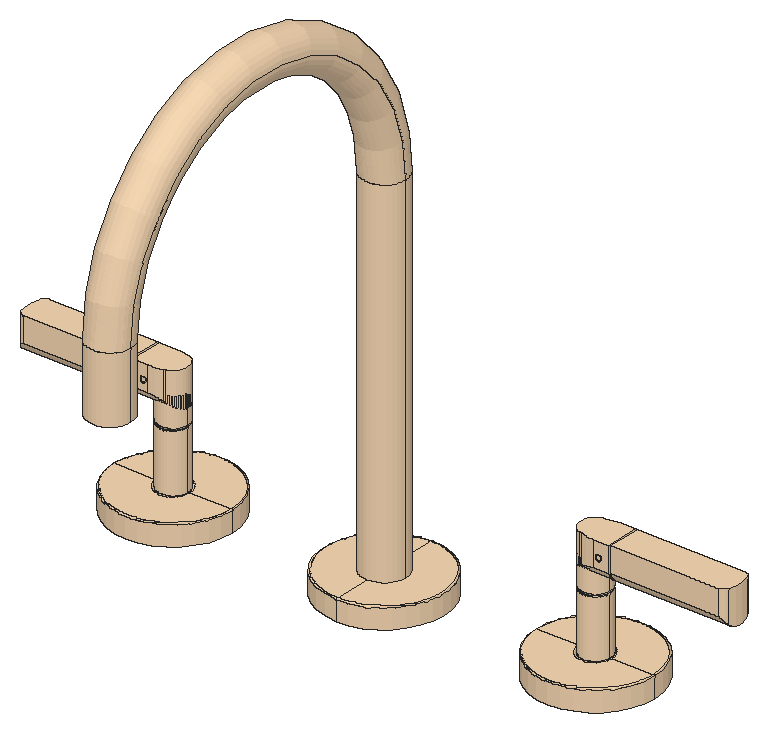
Revit family "Faucet-Lavatory-KALLISTA-One_Nazare-P23348", category Plumbing Fixtures, host Face, Revit 2022
Family settings
  Host = Face
  Round Connector Dimension = Use Diameter
  Part Type = Normal
  OmniClass Number = 23.31.11.00
  Cut with Voids When Loaded = No
  Maintain Annotation Orientation = No
  Shared = No
  Room Calculation Point = No
Parameters (values of type "2MB-Brushed Brass")
  Width [instance] = Faucet Hole Spacing  # 8"
  WaterSense Certified = 1 = 1  # yes
  Waste Water Outlet = "Waste Water Outlet"  # constant formula
  Waste Connection = 1 = 0  # no
  Vent Connection = 1 = 0  # no
  URL = "https://www.kallista.com/"
  Type = 4
  Spout Reach = 6 1/2"  # constant formula
  Product Page URL = ""
  Product Name = "One Nazare"  # constant formula
  Product Documentation Link = "https://resources.kohler.com/interiors/kallista/pdf/1382060-4.pdf"
  Pressure = 60.00 psi  # constant formula
  Model = if(Type = 1, "P23348-LV-CP", if(Type = 2, "P23348-LV-SN", if(Type = 3, "P23348-LV-BAF", if(Type = 4, "P23348-LV-2MB", "NA"))))  # "P23348-LV-2MB"
  Material = "Premium Metal Construction"  # constant formula
  Master Format 2014 Name = "Residential Faucets, Supplies, and Trim"  # constant formula
  Master Format 2014 = "22 41 39"  # constant formula
  Manufacturer Address = "444 Highland Dr, Kohler, WI 53044"  # constant formula
  Manufacturer = "Kallista Co."  # constant formula
  Length = Spout Reach  # 6 1/2"
  Hot Water Inlet = "Hot Water Inlet"  # constant formula
  Height = 10.79921"  # constant formula
  Handle Height = 2 133/256"  # constant formula
  Handle Clearance = 2.74016"  # constant formula
  HW Connection = 1 = 1  # yes
  Flow Rate = 1.2 GPM  # constant formula
  Finish = Kallista-Metal-2MB- Brushed_Brass
  Faucet Hole Spacing [instance] = 8"
  Environmental Product Declaration = ""
  Drain Included = 1 = 1  # yes
  Description = "Sink Faucet, Gooseneck Spout, Lever Handles"  # constant formula
  Default Elevation = 36"
  Declare Label = ""
  Date Modified = "10/14/2024"  # constant formula
  Date Created = "01/05/2022"  # constant formula
  Copyright = "Copyright Kallista Co."  # constant formula
  Contact Us = "https://www.kallista.com/corporate/contact-us/"
  Cold Water Inlet = "Cold Water Inlet"  # constant formula
  CW Connection = 1 = 1  # yes
  Assembly Code = "D2010"
  ADA Compliant = 1 = 1  # yes
Types (5): name | Type | Product Page URL | Model | Finish
  (no name) | 4 | "" | "P23348-LV-2MB" | Kallista-Metal-2MB- Brushed_Brass
  CP-Chrome | 1 | "https://www.kallista.com/products/luxury-bathroom/faucets/sink-faucets/one-nazar%C3%A9-sink-faucet-gooseneck-spout-lever-handles-p23348-lv/cp-chrome" | "P23348-LV-CP" | Kallista-Metal-CP-Chrome
  SN-Polished Nickel | 2 | "https://www.kallista.com/products/luxury-bathroom/faucets/sink-faucets/one-nazar%C3%A9-sink-faucet-gooseneck-spout-lever-handles-p23348-lv/sn-polished-nickel" | "P23348-LV-SN" | Kallista-Metal-SN-Polished_Nickel
  BAF-Brushed French Gold | 3 | "https://www.kallista.com/products/luxury-bathroom/faucets/sink-faucets/one-nazar%C3%A9-sink-faucet-gooseneck-spout-lever-handles-p23348-lv/baf-brushed-french-gold" | "P23348-LV-BAF" | Kallista-Metal-BAF-Brushed_French_Gold
  2MB-Brushed Brass | 4 | "" | "P23348-LV-2MB" | Kallista-Metal-2MB- Brushed_Brass
Reference planes (in)
  plane 1 "Center (Front/Back)": y = 0
  plane 2: z = 0
  plane 3 "Center (Left/Right)": x = 0
  plane 4: x = -4
  plane 5: x = 4
  plane 6: y = 1.12598
  plane 7: y = -1.12598
  plane 8: x = 5.12598
  plane 9: x = 2.87402
  plane 10: x = -6.74016
  plane 11: z = 2.51953
  plane 12: z = 1.81
  plane 13: z = 0.40108
  plane 14: x = -5.12598
  plane 15: x = -2.87402
  plane 16: x = 6.74016
  plane 17: y = -6.5
  plane 18: x = 1.12598
  plane 19: x = -1.12598
  plane 20: z = 10.79921
  plane 21: z = 5.89
  plane 22: y = -6.91
  plane 23: x = -0.40551
  plane 24: x = 0.40551
  plane 25: x = -4.28001
  plane 26: x = -3.71999
  plane 27: x = 4.28001
  plane 28: x = 3.71999
  plane 29: y = 0.31335
  plane 30: y = -0.31335
Dimensions and locks (in)
  equal spacing: plane 4, plane 3 "Center (Left/Right)", plane 5
  "Handle Clearance": plane 4 to plane 10
  "Handle Clearance": plane 5 to plane 16
  "Height": plane 20 to level
  level to plane 21 = 5.89"
  "Handle Height": plane 11 to level
  plane 12 to level = 1.81"
  plane 11 to plane 12 = 0.70953"
  locked: plane 25 to plane 26 at 0.56002
  locked: plane 28 to plane 27 at 0.56002
  equal spacing: plane 25, plane 4, plane 26
  equal spacing: plane 28, plane 5, plane 27
  locked: plane 14 to plane 15 at 2.25197
  locked: plane 9 to plane 8 at 2.25197
  equal spacing: plane 14, plane 4, plane 15
  equal spacing: plane 9, plane 5, plane 8
  locked: plane 19 to plane 18 at 2.25197
  locked: plane 22 to plane 6 at 8.03598
  locked: plane 23 to plane 24 at 0.81102
  "Width": plane 5 to plane 4
  "Length": plane 1 "Center (Front/Back)" to plane 17
  plane 1 "Center (Front/Back)" to plane 22 = 6.91"
  plane 30 to plane 29 = 0.6267"
  aligned and locked: plane 2 to host face
  aligned and locked: level to host face
  aligned and locked: plane 4 to nested 1  (x2)
  aligned and locked: nested 2 to plane 5  (x2)
  aligned and locked: plane 3 "Center (Left/Right)" to nested 3
Automatic sketch dimensions
  host sketch curve to host sketch curve = 96"  (x2)
Nested families (in)
  nested 1: "P23348_Handle" at (-4, 0, 0), type "P23348_Handle"
  nested 2: "P23348_Handle" at (4, 0, 0) x (-1, 0, 0) z (0, 0, 1), type "P23348_Handle"
  nested 3: "P23348_Spout" at (0, 0, 0), type "P23348_Spout"
Connectors (in)
  piping at (4, 0, 0), diameter 0.5, driven by "Flow Rate", driven by "Pressure", driven by "CW Connection", driven by "Cold Water Inlet"
    settings: on nested 2, index 1, connector inside diameter 24", connector length 0", flow factor 0, pipe flow 1.2 GPM, pressure drop 60.00 psi, fitting loss kfactor 0, connector angle 0.00°, fixture units 0, engagement length 0", angle of deflection 0.00°, flow configuration 1, flow direction 1, fitting loss method 4, system type 20, joint type 0, gender type 0, connector reference index -1, connector utility 1, adjustable connector no, is connector primary yes, connector description "Cold Water Inlet"
  piping at (-4, 0, 0), diameter 0.5, driven by "Flow Rate", driven by "Pressure", driven by "HW Connection", driven by "Hot Water Inlet"
    settings: on nested 1, index 3, connector inside diameter 24", connector length 0", flow factor 0, pipe flow 1.2 GPM, pressure drop 60.00 psi, fitting loss kfactor 0, connector angle 0.00°, fixture units 0, engagement length 0", angle of deflection 0.00°, flow configuration 1, flow direction 1, fitting loss method 4, system type 19, joint type 0, gender type 0, connector reference index -1, connector utility 1, adjustable connector no, is connector primary no, connector description "Hot Water Inlet"
Definition of nested family "P23348_Handle"
  Parameters (values of type "P23348_Handle")
    Material = none
    Default Elevation = 0"
  Reference planes (in)
    plane 1 "Center (Front/Back)": y = 0
    plane 2: z = 0
    plane 3 "Center (Left/Right)": x = 0
    plane 4: y = 1.12598
    plane 5: x = -1.12598
    plane 6: z = 2.52
    plane 7: z = 1.81
    plane 8: x = -2.74
    plane 9: x = 0
    plane 10: y = -1.12598
    plane 11: x = 1.12598
    plane 12: z = 1.51
    plane 13: x = 0.28001
    plane 14: x = -0.28001
    plane 15: x = 0.28001
    plane 16: x = -0.28001
    plane 17: y = 0.31335
    plane 18: z = 0.40157
    plane 19: y = -0.31335
  Forms (in)
    Revolve 1, solid, material <- "Material", detail levels medium+fine
      sketch origin (0, 0, 0) x (1, 0, 0) y (0, 0, 1)
        loop
          line (0, 0) -> (0, 2.08758) -> (-0.27976, 2.08758) -> (-0.27976, 1.52969)
          arc (-0.27976, 1.52969) -> (-0.27399, 1.51577) -> (-0.26007, 1.51) r 0.01969
          arc (-0.26007, 1.51) -> (-0.27399, 1.50423) -> (-0.27976, 1.49031) r 0.01969
          line (-0.27976, 1.49031) -> (-0.27976, 0.3937) -> (-0.27976, 0.23247) -> (-0.29301, 0.37498)
          arc (-0.29301, 0.37498) -> (-0.30245, 0.39393) -> (-0.3222, 0.40157) r 0.02931
          line (-0.3222, 0.40157) -> (-1.1063, 0.40157)
          arc (-1.1063, 0.40157) -> (-1.12022, 0.39581) -> (-1.12598, 0.38189) r 0.01969
          line (-1.12598, 0.38189) -> (-1.12598, 0) -> (0, 0)
        axis (0, 0) -> (0, 2.08758)
      angle from 0 to 360
    Extrusion 2, solid, material <- "Material", detail levels medium+fine
      sketch origin (0, 0, 0) x (1, 0, 0) y (0, 1, 0)
        loop
          circle (0, 0) r 0.25
      from 0 to 0.03941
    Extrusion 3, solid, material <- "Material", detail levels medium+fine
      sketch origin (0, 0, 0) x (1, 0, 0) y (0, 1, 0)
        loop
          arc (0.07816, 0.26862) -> (0.06077, 0.27359) -> (0.04333, 0.27838) r 1.85399
          arc (0.04333, 0.27838) -> (-0.08736, 0.30457) -> (-0.22036, 0.31335) r 1.01181
          line (-0.22036, 0.31335) -> (-2.58143, 0.31335)
          arc (-2.58143, 0.31335) -> (-2.66037, 0.28717) -> (-2.70802, 0.21902) r 0.1321
          arc (-2.70802, 0.21902) -> (-2.74, 0.00079) -> (-2.70847, -0.2175) r 0.76598
          arc (-2.70847, -0.2175) -> (-2.66022, -0.28674) -> (-2.58012, -0.31335) r 0.13386
          line (-2.58012, -0.31335) -> (-0.22036, -0.31335)
          arc (-0.22036, -0.31335) -> (-0.08736, -0.30457) -> (0.04333, -0.27838) r 1.01181
          arc (0.04333, -0.27838) -> (0.06077, -0.27359) -> (0.07816, -0.26862) r 1.85399
          arc (0.07816, -0.26862) -> (0.27976, 0) -> (0.07816, 0.26862) r 0.27976
      from 1.81 to 2.52
    Extrusion 4, void
      sketch origin (0, 0, 0) x (0, 1, 0) y (0, 0, 1)
        loop
          line (0.43044, 2.15052) -> (0.33619, 2.15052)
          arc (0.33619, 2.15052) -> (0.27495, 1.97059) -> (0.12815, 1.84986) r 0.34721
          arc (0.12815, 1.84986) -> (0, 1.82315) -> (-0.12815, 1.84986) r 0.32074
          arc (-0.12815, 1.84986) -> (-0.27495, 1.97059) -> (-0.33619, 2.15052) r 0.34721
          line (-0.33619, 2.15052) -> (-0.43044, 2.15052) -> (-0.43044, 1.71114) -> (0.43044, 1.71114) -> (0.43044, 2.15052)
      from -2.96352 to 0.54766
    Extrusion 5, void
      sketch origin (0, 0, 0) x (0, 1, 0) y (0, 0, 1)
        loop
          line (0.35272, 2.55937) -> (-0.35272, 2.55937) -> (-0.35272, 2.036)
          arc (-0.35272, 2.036) -> (-0.26687, 1.89895) -> (-0.13246, 1.80901) r 0.38658
          spline (-0.13246, 1.80901) -> (-0.11127, 1.80135) -> (-0.0896, 1.79504) -> (-0.06754, 1.7901) -> (-0.04519, 1.78655) -> (-0.02264, 1.78441) -> (0, 1.78369) -> (0.02265, 1.78441) -> (0.04519, 1.78655) -> (0.06754, 1.7901) -> (0.0896, 1.79504) -> (0.11128, 1.80135) -> (0.13246, 1.80901)
          arc (0.13246, 1.80901) -> (0.26687, 1.89895) -> (0.35272, 2.036) r 0.38658
          line (0.35272, 2.036) -> (0.35272, 2.55937)
        loop
          line (0.27398, 2.48063) -> (-0.27398, 2.48063) -> (-0.27398, 2.0507)
          arc (-0.27398, 2.0507) -> (-0.20575, 1.94914) -> (-0.10336, 1.88217) r 0.30784
          spline (-0.10336, 1.88217) -> (-0.08689, 1.87622) -> (-0.07001, 1.8713) -> (-0.0528, 1.86745) -> (-0.03534, 1.86468) -> (-0.01771, 1.863) -> (0, 1.86243) -> (0.01771, 1.863) -> (0.03534, 1.86468) -> (0.0528, 1.86745) -> (0.07001, 1.87131) -> (0.08689, 1.87622) -> (0.10336, 1.88217)
          arc (0.10336, 1.88217) -> (0.20575, 1.94914) -> (0.27398, 2.0507) r 0.30784
          line (0.27398, 2.0507) -> (0.27398, 2.48063)
      from -0.54223 to -0.51098
    Extrusion 6, void
      sketch origin (0, 0, 0) x (1, 0, 0) y (0, 0, 1)
        loop
          circle (-0.31133, 2.24331) r 0.05906
      from 0.3062 to 0.37148
    Extrusion 7, void
      sketch origin (0, 0, 0) x (1, 0, 0) y (0, 0, -1)
        loop
          circle (-0.31133, -2.24331) r 0.05906
      from 0.3062 to 0.37148
    Extrusion 8, solid, material <- "Material", detail levels coarse
      sketch origin (0, 0, 0) x (1, 0, 0) y (0, 1, 0)
        loop
          line (-0.22036, 0.31335) -> (-2.58564, 0.31335)
          arc (-2.58564, 0.31335) -> (-2.66085, 0.28854) -> (-2.70656, 0.22386) r 0.12644
          arc (-2.70656, 0.22386) -> (-2.74, 0.00035) -> (-2.70676, -0.22319) r 0.76598
          arc (-2.70676, -0.22319) -> (-2.66159, -0.28721) -> (-2.58719, -0.31176) r 0.125
          line (-2.58719, -0.31176) -> (-0.16377, -0.31176)
          arc (-0.16377, -0.31176) -> (-0.01539, -0.29485) -> (0.12537, -0.24496) r 0.65917
          arc (0.12537, -0.24496) -> (0.27933, 0.02243) -> (0.08866, 0.26501) r 0.27553
          arc (0.08866, 0.26501) -> (-0.06397, 0.30119) -> (-0.22036, 0.31335) r 1.01181
      from 1.78015 to 2.52
    Extrusion 9, solid, detail levels medium+fine
      sketch origin (0, 0, 0) x (1, 0, 0) y (0, 0, 1)
        loop
          circle (-0.31133, 2.24331) r 0.04997
      from 0.28729 to 0.31176
    Extrusion 10, solid, detail levels medium+fine
      sketch origin (0, 0, 0) x (1, 0, 0) y (0, 0, -1)
        loop
          circle (-0.31133, -2.24331) r 0.04997
      from 0.28729 to 0.31176
    Revolve 11, solid, material <- "Material", detail levels coarse
      sketch origin (0, 0, 0) x (1, 0, 0) y (0, 0, 1)
        loop
          line (0, 0) -> (0, 1.78015) -> (-0.27976, 1.78015) -> (-0.27976, 1.58545) -> (-0.27976, 0.3937) -> (-0.27976, 0.23247) -> (-0.29549, 0.40157) -> (-1.12598, 0.40157) -> (-1.12598, 0) -> (0, 0)
        axis (0, 0) -> (0, 1.78015)
      angle from 0 to 360
  Cuts and joins
    Extrusion 4, Extrusion 5, Extrusion 6, Extrusion 7 cuts Extrusion 3
    joined: Extrusion 9, Extrusion 10
  Lines and regions (in)
    Masking region 1
      outline origin (0, 0, 0) x (1, 0, 0) y (0, 1, 0)
        loop
          line (-1.08151, 0.31335) -> (-2.58143, 0.31335)
          arc (-2.58143, 0.31335) -> (-2.66037, 0.28717) -> (-2.70802, 0.21902) r 0.1321
          arc (-2.70802, 0.21902) -> (-2.73196, 0.11067) -> (-2.74, 0) r 0.76598
          arc (-2.74, 0) -> (-2.73208, -0.10989) -> (-2.70847, -0.2175) r 0.76598
          arc (-2.70847, -0.2175) -> (-2.66022, -0.28674) -> (-2.58012, -0.31335) r 0.13386
          line (-2.58012, -0.31335) -> (-1.08151, -0.31335)
          arc (-1.08151, -0.31335) -> (-0.67639, -0.90018) -> (0, -1.12598) r 1.12598
          arc (0, -1.12598) -> (0.79619, -0.79619) -> (1.12598, 0) r 1.12598
          arc (1.12598, 0) -> (0.79619, 0.79619) -> (0, 1.12598) r 1.12598
          arc (0, 1.12598) -> (-0.67639, 0.90018) -> (-1.08151, 0.31335) r 1.12598
    Masking region 2
      outline origin (0, 0, 0) x (1, 0, 0) y (0, 0, 1)
        loop
          line (-1.12598, 0.38189) -> (-1.12598, 0) -> (1.12598, 0) -> (1.12598, 0.38189)
          arc (1.12598, 0.38189) -> (1.12022, 0.39581) -> (1.1063, 0.40157) r 0.01969
          line (1.1063, 0.40157) -> (0.28001, 0.40157) -> (0.28001, 1.49031)
          arc (0.28001, 1.49031) -> (0.27425, 1.50423) -> (0.26033, 1.51) r 0.01969
          arc (0.26033, 1.51) -> (0.27425, 1.51577) -> (0.28001, 1.52969) r 0.01969
          line (0.28001, 1.52969) -> (0.28001, 2.48063)
          arc (0.28001, 2.48063) -> (0.26848, 2.50847) -> (0.24064, 2.52) r 0.03937
          line (0.24064, 2.52) -> (-0.49133, 2.52)
          arc (-0.49133, 2.52) -> (-0.50523, 2.51425) -> (-0.51098, 2.50035) r 0.01965
          line (-0.51098, 2.50035) -> (-0.51098, 2.46506) -> (-0.54223, 2.46506) -> (-0.54223, 2.49949)
          arc (-0.54223, 2.49949) -> (-0.54824, 2.51399) -> (-0.56274, 2.52) r 0.02051
          line (-0.56274, 2.52) -> (-2.70018, 2.52)
          arc (-2.70018, 2.52) -> (-2.72834, 2.50834) -> (-2.74, 2.48018) r 0.03982
          line (-2.74, 2.48018) -> (-2.74, 2.24507)
          arc (-2.74, 2.24507) -> (-2.73187, 2.10215) -> (-2.70758, 1.96108) r 1.26022
          arc (-2.70758, 1.96108) -> (-2.64894, 1.86024) -> (-2.54367, 1.81) r 0.19774
          line (-2.54367, 1.81) -> (-0.56204, 1.81)
          arc (-0.56204, 1.81) -> (-0.54803, 1.8158) -> (-0.54223, 1.82981) r 0.01981
          line (-0.54223, 1.82981) -> (-0.54223, 1.86424) -> (-0.51098, 1.86424) -> (-0.51098, 1.8294)
          arc (-0.51098, 1.8294) -> (-0.50468, 1.81526) -> (-0.48996, 1.81049) r 0.01902
          arc (-0.48996, 1.81049) -> (-0.34291, 1.76276) -> (-0.28001, 1.62153) r 0.19
          line (-0.28001, 1.62153) -> (-0.28001, 1.52969)
          arc (-0.28001, 1.52969) -> (-0.27425, 1.51577) -> (-0.26033, 1.51) r 0.01969
          arc (-0.26033, 1.51) -> (-0.27425, 1.50423) -> (-0.28001, 1.49031) r 0.01969
          line (-0.28001, 1.49031) -> (-0.28001, 0.40157) -> (-1.1063, 0.40157)
          arc (-1.1063, 0.40157) -> (-1.12022, 0.39581) -> (-1.12598, 0.38189) r 0.01969
    Masking region 3
      outline origin (0, 0, 0) x (0, 1, 0) y (0, 0, 1)
        loop
          line (0.31335, 2.14167) -> (0.31335, 2.48063)
          arc (0.31335, 2.48063) -> (0.30182, 2.50847) -> (0.27398, 2.52) r 0.03937
          line (0.27398, 2.52) -> (-0.27398, 2.52)
          arc (-0.27398, 2.52) -> (-0.30182, 2.50847) -> (-0.31335, 2.48063) r 0.03937
          line (-0.31335, 2.48063) -> (-0.31335, 2.14167)
          arc (-0.31335, 2.14167) -> (-0.30994, 2.07521) -> (-0.30272, 2.00906) r 1.15753
          arc (-0.30272, 2.00906) -> (-0.2855, 1.84271) -> (-0.27976, 1.67558) r 2.4333
          line (-0.27976, 1.67558) -> (-0.27976, 1.52969)
          arc (-0.27976, 1.52969) -> (-0.27399, 1.51577) -> (-0.26007, 1.51) r 0.01969
          arc (-0.26007, 1.51) -> (-0.27399, 1.50423) -> (-0.27976, 1.49031) r 0.01969
          line (-0.27976, 1.49031) -> (-0.27976, 0.40157) -> (-1.1063, 0.40157)
          arc (-1.1063, 0.40157) -> (-1.12022, 0.39581) -> (-1.12598, 0.38189) r 0.01969
          line (-1.12598, 0.38189) -> (-1.12598, 0) -> (1.12598, 0) -> (1.12598, 0.38189)
          arc (1.12598, 0.38189) -> (1.12022, 0.39581) -> (1.1063, 0.40157) r 0.01969
          line (1.1063, 0.40157) -> (0.27976, 0.40157) -> (0.27976, 1.49031)
          arc (0.27976, 1.49031) -> (0.27399, 1.50423) -> (0.26007, 1.51) r 0.01969
          arc (0.26007, 1.51) -> (0.27399, 1.51577) -> (0.27976, 1.52969) r 0.01969
          line (0.27976, 1.52969) -> (0.27976, 1.67558)
          arc (0.27976, 1.67558) -> (0.2855, 1.84271) -> (0.30272, 2.00906) r 2.4333
          arc (0.30272, 2.00906) -> (0.30994, 2.07521) -> (0.31335, 2.14167) r 1.15753
    symbolic lines, detail levels medium+fine
      curve 1: line (-1.08151, -0.31335, 0) -> (-0.55798, -0.31335, 0)
      curve 2: line (-0.22036, 0.31335, 0) -> (-0.49399, 0.31335, 0)
      curve 3: line (-0.54223, 0.2976, 0) -> (-0.54223, -0.2976, 0)
      curve 4: line (-0.51098, -0.2976, 0) -> (-0.51098, 0.29636, 0)
      curve 5: line (-0.54223, 0.27398, 0) -> (-0.51098, 0.27398, 0)
      curve 6: line (-0.51098, -0.27398, 0) -> (-0.54223, -0.27398, 0)
      curve 7: arc (0.04333, 0.27838, 0) -> (-0.08736, 0.30457, 0) -> (-0.22036, 0.31335, 0) r 1.01181
      curve 8: arc (0.07816, -0.26862, 0) -> (0.27976, 0, 0) -> (0.07816, 0.26862, 0) r 0.27976
      curve 9: arc (0.04333, -0.27838, 0) -> (0.06077, -0.27359, 0) -> (0.07816, -0.26862, 0) r 1.85399
      curve 10: arc (-0.22036, -0.31335, 0) -> (-0.08736, -0.30457, 0) -> (0.04333, -0.27838, 0) r 1.01181
      curve 11: arc (0.07816, 0.26862, 0) -> (0.06077, 0.27359, 0) -> (0.04333, 0.27838, 0) r 1.85399
      curve 12: line (-0.54223, 0, 2.48018) -> (-0.54223, 0, 1.81)
      curve 13: line (-0.51098, 0, 2.48063) -> (-0.51098, 0, 1.86323)
      curve 14: line (-0.26007, 0, 1.51) -> (0.26007, 0, 1.51)
      curve 15: line (-0.27976, 0, 1.52969) -> (0.28001, 0, 1.52969)
      curve 16: line (-0.28001, 0, 1.49031) -> (0.28001, 0, 1.49031)
      curve 17: line (-0.28001, 0, 0.40157) -> (0.28001, 0, 0.40157)
      curve 18: circle (-0.31133, 0, 2.24331) r 0.05906 normal (0, -1, 0)
      curve 19: circle (-0.31133, 0, 2.24331) r 0.04997 normal (0, 1, 0)
      curve 20: line (0, 0.27976, 0.40157) -> (0, -0.27976, 0.40157)
      curve 21: line (0, 0.26007, 1.51) -> (0, -0.26007, 1.51)
      curve 22: line (0, 0.27976, 1.49031) -> (0, -0.27976, 1.49031)
      curve 23: line (0, 0.27976, 1.52969) -> (0, -0.27976, 1.52969)
      curve 24: arc (0, 0.12815, 1.84986) -> (0, 0, 1.82315) -> (0, -0.12815, 1.84986) r 0.32074
      curve 25: arc (0, -0.12815, 1.84986) -> (0, -0.20022, 1.89225) -> (0, -0.26007, 1.95065) r 0.34721
      curve 26: arc (0, 0.26007, 1.95065) -> (0, 0.20022, 1.89225) -> (0, 0.12815, 1.84986) r 0.34721
      curve 27: arc (0, 0.31224, 2.11072) -> (0, 0.3008, 2.02592) -> (0, 0.26007, 1.95065) r 0.23775
      curve 28: arc (0, -0.31224, 2.11072) -> (0, -0.3008, 2.02592) -> (0, -0.26007, 1.95065) r 0.23775
      curve 29: line (-0.55798, 0.31335, 0) -> (-1.08151, 0.31335, 0)
      curve 30: line (-0.49523, -0.31335, 0) -> (-0.22036, -0.31335, 0)
      curve 31: arc (1.10236, 0, 0) -> (0.15832, 1.09093, 0) -> (-1.05689, 0.31335, 0) r 1.10236
      curve 32: arc (-1.05736, -0.31176, 0) -> (0.1575, -1.09105, 0) -> (1.10236, 0, 0) r 1.10236
      curve 33: line (-0.22036, 0.28973, 0) -> (-0.51098, 0.28973, 0)
      curve 34: arc (0.03717, 0.25558, 0) -> (-0.09046, 0.28115, 0) -> (-0.22036, 0.28973, 0) r 0.98819
      curve 35: arc (0.07156, 0.24594, 0) -> (0.05439, 0.25084, 0) -> (0.03717, 0.25558, 0) r 1.83037
      curve 36: arc (0.07156, -0.24594, 0) -> (0.25614, 0, 0) -> (0.07156, 0.24594, 0) r 0.25614
      curve 37: arc (0.03717, -0.25558, 0) -> (0.05439, -0.25084, 0) -> (0.07156, -0.24594, 0) r 1.83037
      curve 38: arc (-0.16444, -0.28814, 0) -> (-0.06279, -0.27708, 0) -> (0.03717, -0.25558, 0) r 0.98819
      curve 39: line (-2.59874, -0.28814, 0) -> (-0.54223, -0.28814, 0)
      curve 40: arc (-2.58143, 0.28973, 0) -> (-2.64625, 0.26823, 0) -> (-2.68539, 0.21226, 0) r 0.10848
      curve 41: arc (-2.68539, 0.21226, 0) -> (-2.71638, 0.00077, 0) -> (-2.68582, -0.21079, 0) r 0.74236
      curve 42: arc (-2.68582, -0.21079, 0) -> (-2.65333, -0.26191, 0) -> (-2.59874, -0.28814, 0) r 0.11024
      curve 43: line (-0.54223, 0.28973, 0) -> (-2.58143, 0.28973, 0)
      curve 44: line (-0.51098, -0.28814, 0) -> (-0.16444, -0.28814, 0)
      curve 45: arc (-0.51098, 0.29636, 0) -> (-0.506, 0.30837, 0) -> (-0.49399, 0.31335, 0) r 0.01699
      curve 46: arc (-0.54223, 0.2976, 0) -> (-0.54684, 0.30874, 0) -> (-0.55798, 0.31335, 0) r 0.01575
      curve 47: arc (-0.49523, -0.31335, 0) -> (-0.50637, -0.30874, 0) -> (-0.51098, -0.2976, 0) r 0.01575
      curve 48: arc (-0.55798, -0.31335, 0) -> (-0.54684, -0.30874, 0) -> (-0.54223, -0.2976, 0) r 0.01575
      curve 49: line (-0.49523, -0.31335, 0) -> (-0.49523, 0.3133, 0)
      curve 50: line (-0.55798, 0.31335, 0) -> (-0.55798, -0.31335, 0)
      curve 51: line (-0.49133, 0, 2.52) -> (-0.49133, 0, 1.8104)
      curve 52: line (-0.56204, 0, 1.81) -> (-0.56204, 0, 2.51999)
      curve 53: line (-0.54223, 0, 2.04313) -> (-2.4396, 0, 2.04313)
      curve 54: arc (-2.4396, 0, 2.04313) -> (-2.59342, 0, 2.06529) -> (-2.73473, 0, 2.12994) r 0.54508
      curve 55: arc (-0.51098, 0, 2.04313) -> (-0.27598, 0, 2.04704) -> (-0.04523, 0, 2.00239) r 1.1332
      curve 56: arc (-0.04523, 0, 2.00239) -> (0.11578, 0, 1.9622) -> (0.28001, 0, 1.93842) r 1.64635
      curve 57: arc (-0.22762, 0, 1.67021) -> (-0.23445, 0, 1.59932) -> (-0.24943, 0, 1.52969) r 0.61495
      curve 58: arc (-0.32853, 0, 1.84967) -> (-0.25274, 0, 1.77419) -> (-0.22762, 0, 1.67021) r 0.19685
      curve 59: arc (-0.51098, 0, 1.92215) -> (-0.41739, 0, 1.89185) -> (-0.32853, 0, 1.84967) r 0.7564
      curve 60: line (-0.36567, 0, 2.52) -> (-0.37475, 0, 2.05135)
      curve 61: arc (-0.37475, 0, 2.05135) -> (-0.38729, 0, 1.92624) -> (-0.41973, 0, 1.80476) r 0.78146
      curve 62: line (-0.22036, 0, 2.52) -> (-0.22036, 0, 2.12906)
      curve 63: line (-0.30172, 0, 1.86672) -> (-0.36249, 0, 1.77819)
      curve 64: line (-0.12535, 0, 2.52) -> (-0.12535, 0, 2.05585)
      curve 65: arc (-0.12535, 0, 2.05585) -> (-0.11438, 0, 1.79186) -> (-0.08154, 0, 1.52969) r 3.18208
      curve 66: arc (-0.22036, 0, 2.12906) -> (-0.24117, 0, 1.99172) -> (-0.30172, 0, 1.86672) r 0.46357
      curve 67: arc (-2.4396, 0, 1.98408) -> (-2.58715, 0, 2.00237) -> (-2.72576, 0, 2.05615) r 0.60414
      curve 68: line (-0.54223, 0, 1.98408) -> (-2.4396, 0, 1.98408)
      curve 69: line (-0.54223, 0, 1.92502) -> (-2.4396, 0, 1.92502)
      curve 70: arc (-2.4396, 0, 1.92502) -> (-2.57924, 0, 1.93989) -> (-2.71262, 0, 1.98383) r 0.66319
      curve 71: arc (-0.0624, 0, 1.94588) -> (-0.28469, 0, 1.98852) -> (-0.51098, 0, 1.98362) r 1.07414
      curve 72: arc (0.27451, 0, 1.87962) -> (0.10438, 0, 1.90425) -> (-0.0624, 0, 1.94588) r 1.7054
      curve 73: arc (-0.07958, 0, 1.88938) -> (-0.21997, 0, 1.92137) -> (-0.36348, 0, 1.93318) r 1.01509
      curve 74: arc (0.269, 0, 1.82082) -> (0.09298, 0, 1.84631) -> (-0.07958, 0, 1.88938) r 1.76446
      curve 75: arc (-0.51098, 0, 1.98293) -> (-0.40254, 0, 1.94946) -> (-0.29979, 0, 1.90126) r 0.81545
      curve 76: arc (-0.29979, 0, 1.90126) -> (-0.20127, 0, 1.80313) -> (-0.16861, 0, 1.66796) r 0.25591
      curve 77: arc (-0.16861, 0, 1.66796) -> (-0.17489, 0, 1.59831) -> (-0.18836, 0, 1.52969) r 0.67401
      curve 78: line (-2.74, 0, 2.48018) -> (-0.54223, 0, 2.48018)
      curve 79: line (-0.51098, 0, 2.48063) -> (0.28001, 0, 2.48063)
      curve 80: arc (-2.70063, 0, 2.24707) -> (-2.69262, 0, 2.10543) -> (-2.66823, 0, 1.96568) r 1.22085
      curve 81: line (-2.70018, 0, 2.52) -> (-2.70063, 0, 2.24707)
      curve 82: line (-1.12598, 0, 0.37402) -> (1.12598, 0, 0.37402)
      curve 83: line (0, 1.12598, 0.37402) -> (0, -1.12598, 0.37402)
      curve 84: line (0, 0.31335, 2.48063) -> (0, -0.31335, 2.48063)
      curve 85: line (0, 0.25429, 2.22106) -> (0, 0.25429, 2.52)
      curve 86: arc (0, 0.10455, 1.90399) -> (0, 0.16756, 1.94166) -> (0, 0.21902, 1.99402) r 0.28816
      curve 87: arc (0, -0.10455, 1.90399) -> (0, 0, 1.8822) -> (0, 0.10455, 1.90399) r 0.26169
      curve 88: arc (0, -0.21404, 1.98765) -> (0, -0.16437, 1.93918) -> (0, -0.10455, 1.90399) r 0.28816
      curve 89: line (0, -0.25271, 2.52) -> (0, -0.25271, 2.22106)
      curve 90: arc (0, 0.21902, 2.52) -> (0, 0.22515, 2.25701) -> (0, 0.21902, 1.99402) r 5.64048
      curve 91: arc (0, 0.21902, 1.99402) -> (0, 0.24542, 2.10618) -> (0, 0.25429, 2.22106) r 0.74822
      curve 92: arc (0, -0.25271, 2.22106) -> (0, -0.24298, 2.10276) -> (0, -0.21404, 1.98765) r 0.72376
      curve 93: arc (0, 0.26007, 1.95065) -> (0, 0.23044, 1.74115) -> (0, 0.22324, 1.52969) r 1.98756
      curve 94: arc (0, 0.23601, 1.92372) -> (0, 0.20809, 1.72746) -> (0, 0.1946, 1.52969) r 2.70888
      curve 95: arc (0, -0.21902, 2.52) -> (0, -0.22515, 2.25701) -> (0, -0.21902, 1.99402) r 5.64048
      curve 96: arc (0, -0.26007, 1.95065) -> (0, -0.23044, 1.74115) -> (0, -0.22324, 1.52969) r 1.98756
      curve 97: arc (0, -0.23601, 1.92372) -> (0, -0.20809, 1.72746) -> (0, -0.1946, 1.52969) r 2.70888
  Dimensions and locks (in)
    plane 8 to plane 3 "Center (Left/Right)" = 2.74"
    plane 7 to level = 1.81"
    plane 6 to level = 2.52"  (x2)
    plane 4 to plane 1 "Center (Front/Back)" = 1.12598"
    locked: plane 5 to plane 11 at 2.25197
    locked: plane 4 to plane 10 at 2.25197
    locked: plane 6 to plane 7 at 0.71
    plane 18 to level = 0.40157"
    aligned and locked: level to plane 2
    aligned and locked: plane 4 to Masking region 1 sketch curve
    aligned and locked: plane 11 to Masking region 1 sketch curve
    aligned and locked: plane 10 to Masking region 1 sketch curve
    aligned and locked: plane 8 to Masking region 1 sketch curve
Definition of nested family "P23348_Spout"
  Parameters (values of type "P23348_Spout")
    Material = none
    Default Elevation = 0"
  Reference planes (in)
    plane 1 "Center (Front/Back)": y = 0
    plane 2: z = 0
    plane 3 "Center (Left/Right)": x = 0
    plane 4: y = 1.12598
    plane 5: x = 1.12598
    plane 6: z = 10.8
    plane 7 "1": z = 5.89
    plane 8: y = -6.5
    plane 9: y = -1.12598
    plane 10: x = -1.12598
    plane 11: z = 9.97606
    plane 12: y = -6.91
    plane 13: z = 0.40108
    plane 14: y = -0.44094
    plane 15: y = 0.44094
  Forms (in)
    Sweep 1, solid, material <- "Material", detail levels medium+fine
      path origin (0, -0.07639, -0.02763) x (0, 1, 0) y (0, 0, 1)
        loop
          line (-6.42361, 5.91763) -> (-6.42361, 7.1731)
          arc (-6.42361, 7.1731) -> (-3.17361, 10.4231) -> (0.07639, 7.1731) r 3.25
          line (0.07639, 7.1731) -> (0.07639, 0.42133)
      profile origin (0, 0, 3.76958) x (1, 0, 0) y (0, 1, 0)
        loop
          circle (0, 0) r 0.40551
    Revolve 2, solid, material <- "Material", detail levels medium+fine
      sketch origin (0, 0, 0) x (0, 1, 0) y (0, 0, 1)
        loop
          line (0, 0) -> (1.12598, 0) -> (1.12598, 0.37402)
          arc (1.12598, 0.37402) -> (1.12022, 0.38794) -> (1.1063, 0.3937) r 0.01969
          line (1.1063, 0.3937) -> (0, 0.3937) -> (0, 0)
        axis (0, 0) -> (0, 0.3937)
      angle from 0 to 360
    Revolve 3, solid, detail levels medium+fine
      sketch origin (0, 0.07382, 0.00308) x (0, 1, 0) y (0, 0, 1)
        loop
          line (-6.57382, 5.88932) -> (-6.57382, 5.99656) -> (-6.88996, 5.99656) -> (-6.88996, 5.91705)
          arc (-6.88996, 5.91705) -> (-6.88184, 5.89744) -> (-6.86223, 5.88932) r 0.02773
          line (-6.86223, 5.88932) -> (-6.57382, 5.88932)
        axis (-6.57382, 5.88932) -> (-6.57382, 5.99656)
      angle from 0 to 360
    Revolve 4, solid, material <- "Material", detail levels coarse
      sketch origin (0, 0, 0) x (0, 1, 0) y (0, 0, 1)
        loop
          line (0, 0) -> (1.12598, 0) -> (1.12598, 0.40108) -> (0, 0.40108) -> (0, 0)
        axis (0, 0) -> (0, 0.40108)
      angle from 0 to 360
    Sweep 5, solid, material <- "Material", detail levels coarse
      path origin (0, -0.07639, -0.02763) x (0, 1, 0) y (0, 0, 1)
        loop
          line (-6.42361, 5.91763) -> (-6.42361, 7.17729)
          arc (-6.42361, 7.17729) -> (-3.17361, 10.42729) -> (0.07639, 7.17729) r 3.25
          line (0.07639, 7.17729) -> (0.07639, 0.42133)
      profile origin (0, 0, 3.77168) x (1, 0, 0) y (0, 1, 0)
        loop
          circle (0, 0) r 0.44094
    Extrusion 6, solid, detail levels medium+fine
      sketch origin (0, 0, 5.89) x (0, 1, 0) y (-1, 0, 0)
        loop
          arc (-6.24679, 0.27288) -> (-6.26618, 0.28997) -> (-6.2867, 0.30567) r 0.374
          line (-6.2867, 0.30567) -> (-6.31638, 0.26398)
          arc (-6.31638, 0.26398) -> (-6.27295, 0.22686) -> (-6.23675, 0.18266) r 0.32282
          line (-6.23675, 0.18266) -> (-6.19444, 0.21147)
          arc (-6.19444, 0.21147) -> (-6.21895, 0.24359) -> (-6.24679, 0.27288) r 0.374
        loop
          line (-6.44294, 0.31806) -> (-6.43333, 0.36833)
          arc (-6.43333, 0.36833) -> (-6.49883, 0.37496) -> (-6.56448, 0.37) r 0.374
          line (-6.56448, 0.37) -> (-6.55615, 0.31951)
          arc (-6.55615, 0.31951) -> (-6.49948, 0.32379) -> (-6.44294, 0.31806) r 0.32282
        loop
          line (-6.68619, 0.26721) -> (-6.71514, 0.30942)
          arc (-6.71514, 0.30942) -> (-6.76565, 0.26783) -> (-6.80814, 0.21808) r 0.374
          line (-6.80814, 0.21808) -> (-6.76647, 0.18838)
          arc (-6.76647, 0.18838) -> (-6.72979, 0.23132) -> (-6.68619, 0.26721) r 0.32282
        loop
          line (-6.82148, 0.05726) -> (-6.87187, 0.06618)
          arc (-6.87187, 0.06618) -> (-6.8776, 0.00022) -> (-6.8716, -0.06572) r 0.374
          line (-6.8716, -0.06572) -> (-6.82124, -0.05659)
          arc (-6.82124, -0.05659) -> (-6.82642, 0.00032) -> (-6.82148, 0.05726) r 0.32282
        loop
          line (-6.76621, -0.18675) -> (-6.80785, -0.21652)
          arc (-6.80785, -0.21652) -> (-6.76462, -0.26686) -> (-6.71319, -0.30877) r 0.374
          line (-6.71319, -0.30877) -> (-6.6845, -0.26638)
          arc (-6.6845, -0.26638) -> (-6.7289, -0.2302) -> (-6.76621, -0.18675) r 0.32282
        loop
          line (-6.55608, -0.31753) -> (-6.5644, -0.36803)
          arc (-6.5644, -0.36803) -> (-6.49842, -0.37297) -> (-6.4326, -0.36621) r 0.374
          line (-6.4326, -0.36621) -> (-6.44231, -0.31596)
          arc (-6.44231, -0.31596) -> (-6.49913, -0.3218) -> (-6.55608, -0.31753) r 0.32282
        loop
          line (-6.31722, -0.26259) -> (-6.28768, -0.30438)
          arc (-6.28768, -0.30438) -> (-6.23645, -0.26075) -> (-6.19387, -0.20863) r 0.374
          line (-6.19387, -0.20863) -> (-6.23781, -0.18223)
          arc (-6.23781, -0.18223) -> (-6.27397, -0.22591) -> (-6.31722, -0.26259) r 0.32282
        loop
          line (-6.18577, -0.05555) -> (-6.13538, -0.06452)
          arc (-6.13538, -0.06452) -> (-6.1296, -0.00055) -> (-6.13485, 0.06346) r 0.374
          line (-6.13485, 0.06346) -> (-6.18531, 0.05491)
          arc (-6.18531, 0.05491) -> (-6.18078, -0.00034) -> (-6.18577, -0.05555) r 0.32282
      from 0.03186 to 0.10963
    Extrusion 7, solid, detail levels medium+fine
      sketch origin (0, 0, 5.89) x (0, 1, 0) y (-1, 0, 0)
        loop
          arc (-6.2867, 0.30567) -> (-6.35663, 0.34491) -> (-6.43333, 0.36833) r 0.374
          line (-6.43333, 0.36833) -> (-6.44294, 0.31806)
          arc (-6.44294, 0.31806) -> (-6.37675, 0.29784) -> (-6.31638, 0.26398) r 0.32282
          line (-6.31638, 0.26398) -> (-6.2867, 0.30567)
        loop
          arc (-6.23675, 0.18266) -> (-6.20414, 0.12156) -> (-6.18531, 0.05491) r 0.32282
          line (-6.18531, 0.05491) -> (-6.13485, 0.06346)
          arc (-6.13485, 0.06346) -> (-6.15666, 0.14068) -> (-6.19444, 0.21147) r 0.374
          line (-6.19444, 0.21147) -> (-6.23675, 0.18266)
        loop
          arc (-6.56448, 0.37) -> (-6.64314, 0.34799) -> (-6.71514, 0.30942) r 0.374
          line (-6.71514, 0.30942) -> (-6.68619, 0.26721)
          arc (-6.68619, 0.26721) -> (-6.62404, 0.3005) -> (-6.55615, 0.31951) r 0.32282
          line (-6.55615, 0.31951) -> (-6.56448, 0.37)
        loop
          arc (-6.80814, 0.21808) -> (-6.84848, 0.14569) -> (-6.87187, 0.06618) r 0.374
          line (-6.87187, 0.06618) -> (-6.82148, 0.05726)
          arc (-6.82148, 0.05726) -> (-6.80128, 0.12588) -> (-6.76647, 0.18838) r 0.32282
          line (-6.76647, 0.18838) -> (-6.80814, 0.21808)
        loop
          arc (-6.8716, -0.06572) -> (-6.84808, -0.14465) -> (-6.80785, -0.21652) r 0.374
          line (-6.80785, -0.21652) -> (-6.76621, -0.18675)
          arc (-6.76621, -0.18675) -> (-6.80094, -0.12472) -> (-6.82124, -0.05659) r 0.32282
          line (-6.82124, -0.05659) -> (-6.8716, -0.06572)
        loop
          arc (-6.71319, -0.30877) -> (-6.642, -0.34646) -> (-6.5644, -0.36803) r 0.374
          line (-6.5644, -0.36803) -> (-6.55608, -0.31753)
          arc (-6.55608, -0.31753) -> (-6.62306, -0.29891) -> (-6.6845, -0.26638) r 0.32282
          line (-6.6845, -0.26638) -> (-6.71319, -0.30877)
        loop
          arc (-6.4326, -0.36621) -> (-6.35684, -0.34301) -> (-6.28768, -0.30438) r 0.374
          line (-6.28768, -0.30438) -> (-6.31722, -0.26259)
          arc (-6.31722, -0.26259) -> (-6.37693, -0.29594) -> (-6.44231, -0.31596) r 0.32282
          line (-6.44231, -0.31596) -> (-6.4326, -0.36621)
        loop
          arc (-6.19387, -0.20863) -> (-6.15705, -0.13965) -> (-6.13538, -0.06452) r 0.374
          line (-6.13538, -0.06452) -> (-6.18577, -0.05555)
          arc (-6.18577, -0.05555) -> (-6.20499, -0.12168) -> (-6.23781, -0.18223) r 0.32282
          line (-6.23781, -0.18223) -> (-6.19387, -0.20863)
      from 0.01209 to 0.10963
    Extrusion 8, void
      sketch origin (0, 0, 5.89) x (0, 1, 0) y (-1, 0, 0)
        loop
          circle (-6.5036, 0.00099) r 0.374
      from -0.14281 to 0.10963
  Cuts and joins
    Extrusion 8 cuts Sweep 1
    joined: Sweep 1, Revolve 2
    joined: Revolve 4, Sweep 5
    joined: Extrusion 6, Extrusion 7
  Lines and regions (in)
    Masking region 1
      outline origin (0, 0, 0) x (1, 0, 0) y (0, 1, 0)
        loop
          arc (0.40551, -1.05043) -> (0.92856, -0.63688) -> (1.12598, 0) r 1.12598
          arc (1.12598, 0) -> (0.79619, 0.79619) -> (0, 1.12598) r 1.12598
          arc (0, 1.12598) -> (-0.79619, 0.79619) -> (-1.12598, 0) r 1.12598
          arc (-1.12598, 0) -> (-0.92856, -0.63688) -> (-0.40551, -1.05043) r 1.12598
          line (-0.40551, -1.05043) -> (-0.40551, -6.50449)
          arc (-0.40551, -6.50449) -> (-0.28674, -6.79123) -> (0, -6.91) r 0.40551
          arc (0, -6.91) -> (0.28674, -6.79123) -> (0.40551, -6.50449) r 0.40551
          line (0.40551, -6.50449) -> (0.40551, -1.05043)
    Masking region 2
      outline origin (0, 0, 0) x (1, 0, 0) y (0, 0, 1)
        loop
          arc (-1.10236, 0.40108) -> (-1.11907, 0.39416) -> (-1.12598, 0.37746) r 0.02362
          line (-1.12598, 0.37746) -> (-1.12598, 0) -> (1.12598, 0) -> (1.12598, 0.37746)
          arc (1.12598, 0.37746) -> (1.11907, 0.39416) -> (1.10236, 0.40108) r 0.02362
          line (1.10236, 0.40108) -> (0.40551, 0.40108) -> (0.40551, 10.39449)
          arc (0.40551, 10.39449) -> (0.28674, 10.68123) -> (0, 10.8) r 0.40551
          arc (0, 10.8) -> (-0.28674, 10.68123) -> (-0.40551, 10.39449) r 0.40551
          line (-0.40551, 10.39449) -> (-0.40551, 0.40108) -> (-1.10236, 0.40108)
    Masking region 3
      outline origin (0, 0, 0) x (0, 1, 0) y (0, 0, 1)
        loop
          line (1.12598, 0) -> (1.12598, 0.38139)
          arc (1.12598, 0.38139) -> (1.12022, 0.39531) -> (1.1063, 0.40108) r 0.01969
          line (1.1063, 0.40108) -> (0.44094, 0.40108) -> (0.44094, 7.12519)
          arc (0.44094, 7.12519) -> (-3.23453, 10.80066) -> (-6.91, 7.12519) r 3.67547
          line (-6.91, 7.12519) -> (-6.91, 5.89) -> (-6.09449, 5.89) -> (-6.09449, 7.14179)
          arc (-6.09449, 7.14179) -> (-3.26772, 9.96856) -> (-0.44094, 7.14179) r 2.82677
          line (-0.44094, 7.14179) -> (-0.44094, 0.40108) -> (-1.1063, 0.40108)
          arc (-1.1063, 0.40108) -> (-1.12022, 0.39531) -> (-1.12598, 0.38139) r 0.01969
          line (-1.12598, 0.38139) -> (-1.12598, 0) -> (1.12598, 0)
    symbolic lines, detail levels medium+fine
      curve 1: arc (0.40551, 0, 0) -> (0, 0.40551, 0) -> (-0.40551, 0, 0) r 0.40551
      curve 2: line (-0.40551, 0, 0) -> (-0.40551, -1.05043, 0)
      curve 3: line (0.40551, 0, 0) -> (0.40551, -1.05043, 0)
      curve 4: line (-0.40551, 0, 0.40108) -> (0.40551, 0, 0.40108)
      curve 5: line (0, 0.44094, 0.40108) -> (0, -0.44094, 0.40108)
      curve 6: line (-0.40551, 0, 5.89) -> (0.40551, 0, 5.89)
      curve 7: line (-1.12598, 0, 0.37746) -> (1.12598, 0, 0.37746)
      curve 8: line (0, 1.12598, 0.38139) -> (0, -1.12598, 0.38139)
      curve 9: line (0, -6.09449, 7.14179) -> (0, -6.90996, 7.14179)
      curve 10: line (0, -0.44094, 7.14179) -> (0, 0.44091, 7.14179)
      curve 11: line (-0.40551, 0, 7.4648) -> (0.40551, 0, 7.4648)
  Dimensions and locks (in)
    plane 7 "1" to level = 5.89"
    plane 6 to level = 10.8"
    plane 1 "Center (Front/Back)" to plane 8 = 6 1/2"
    plane 4 to plane 12 = 8.03598"
    level to plane 13 = 0.40108"
    aligned and locked: level to plane 2
    aligned and locked: plane 13 to Masking region 2 sketch curve
    aligned and locked: plane 4 to Masking region 1 sketch curve
    aligned and locked: plane 10 to Masking region 1 sketch curve
    aligned and locked: plane 5 to Masking region 1 sketch curve
    aligned and locked: plane 12 to Masking region 1 sketch curve
    aligned and locked: plane 6 to Masking region 2 sketch curve
